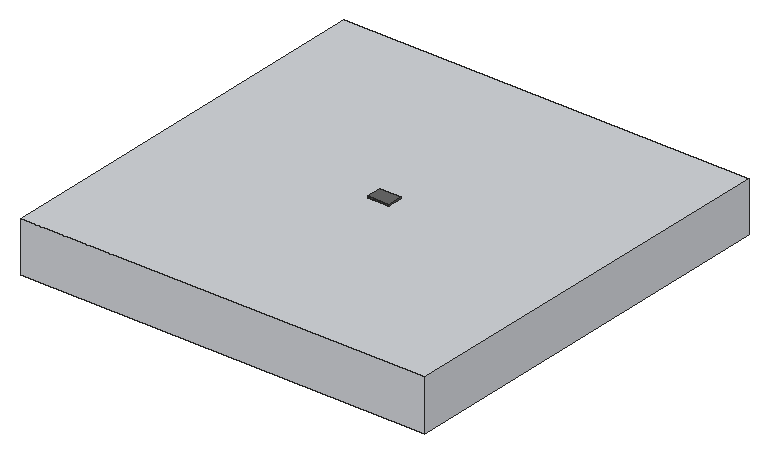
Revit family "Legrand-Hôtel_UX_TOUCH-Thermostat", category Equipement électrique, Revit 2020
Family settings
  Hôte = Face
  Configuration du panneau = Deux colonnes, circuits au sein
  Cote de connecteur circulaire = Utiliser le diamètre
  Type d'élément = Tableau de raccordement
  Couper avec des vides une fois chargée = Non
  Partagée = Non
  Point de calcul de pièce = Non
Parameters (values of type "Thermostat_Commande Tête de Lit")
  Site web configurateur = "https://uxforupscalehotel.legrand.com"
  URL = "http://www.legrandoc.com/048772"
  Type de montage = "encastré"
  Temperature de stockage MIN-MAX (°C) = "-20-70"
  Temperature d'utilisation /d'installation MIN-MAX (°C) = "0-40"
  Support de montage Ref 048779 [instance] = yes
  Résistance aux chocs (IK) = "IK02"
  Programmable = yes
  Profondeur hors tout = 42 mm
  Profondeur d'encastrement = 30 mm
  Nombre de touches = 10
  Moyen de programmation = "Ordinateur"
  Modèle = "048772"
  Matériau = LEGRAND - Plastique noir
  Largeur hors tout = 129 mm
  built-in parameter 1140140 [instance] = 1 (stored number, unit not read)
  Hauteur hors tout = 93 mm
  Fréquence d'alimentation MIN-MAX (Hz) = "0-0"
  Finition de la surface = "brillant"
  Fabricant = "Legrand"
  Elévation par défaut = 1300 mm
  Description = "Commande tête de lit SCS"
  Couleur = "noir"
  built-in parameter 1140142 [instance] = -1
  Consommation en veille (mA) = 8
  Condition Générale d'Utilisation = "https://export.legrand.com/CGU-objets-BIM"
  Commande = Tête de lit : Tête de lit
  Classe de protection (IP) = "IP20"
  built-in parameter 1155100 [instance] = -1
  Avec thermostat d'ambiance = yes
  Avec affichage LED = yes
  Autres systèmes de bus = "autre"
  Adressable = yes
  Accessoire montage affleurant Ref 048788 [instance] = not(Support de montage Ref 048779)  # no
Types (3, lengths in mm): name | URL | Nombre de touches | Modèle | Description | Commande
  (no name) | "http://www.legrandoc.com/048773" | 4 | "048773" | "Thermostat SCS" | Thermostat : Thermostat
  Thermostat | "http://www.legrandoc.com/048773" | 4 | "048773" | "Thermostat SCS" | Thermostat : Thermostat
  Thermostat_Commande Tête de Lit | "http://www.legrandoc.com/048772" | 10 | "048772" | "Commande tête de lit SCS" | Tête de lit : Tête de lit
Reference planes
  plane 1 "Centre (avant/arrière)": y = 0
  plane 2: z = 0
  plane 3 "Centre (gauche/droite)": x = 0
Forms (mm)
  Extrusion 1, solid
    sketch origin (0, 0, 0) x (1, 0, 0) y (0, 1, 0)
      loop
        line (-1219.2, 1219.2) -> (-1219.2, -1219.2) -> (1219.2, -1219.2) -> (1219.2, 1219.2) -> (-1219.2, 1219.2)
    from 0 to -304.8
Dimensions and locks
  aligned and locked: plane 2 to Extrusion 1
  aligned and locked: level to Extrusion 1
Nested families
  nested 1: "TOUCH-Thermostat" at (0, 0, 0), type "TOUCH-Thermostat"
  nested 2: "Tête de lit" at (0, 0, 0), type <- "Commande", type "Tête de lit"
Connectors
  electrical at (0, 0, 0)
    settings: on nested 1, index 1, voltage 0 V, apparent load 0 VA, apparent load phase1 0 VA, apparent load phase2 0 VA, apparent load phase3 0 VA, power factor 1, load classification "Autre", number of poles 1, system type 30, power factor state 1, is connector primary yes, connector utility no, sub classification motor no, connector description ""
Definition of nested family "TOUCH-Thermostat"
  Parameters (values of type "TOUCH-Thermostat")
    Matériau = none
    Default Elevation = 0 mm
  Reference planes
    plane 1 "Centre (avant/arrière)": y = 0
    plane 2: z = 0
    plane 3 "Centre (gauche/droite)": x = 0
    plane 4: z = -5.9
    plane 5: z = -30.9
    plane 6: z = 11.5
    plane 7: x = 64.5
    plane 8: x = -64.5
    plane 9: y = 46.5
    plane 10: y = -46.5
    plane 11: x = 16.5
    plane 12: x = -16.5
  Forms (mm)
    Extrusion 1, solid, material <- "Matériau"
      sketch origin (0, 0, 0) x (0, -1, 0) y (1, 0, 0)
        loop
          line (-26.5, 26.5) -> (-26.5, -26.5) -> (26.5, -26.5) -> (26.5, 26.5) -> (-26.5, 26.5)
      from -5.9 to 0
    Extrusion 2, solid, material <- "Matériau"
      sketch origin (0, 0, 0) x (0, -1, 0) y (1, 0, 0)
        loop
          line (-16.5, 16.5) -> (-16.5, -16.5) -> (16.5, -16.5) -> (16.5, 16.5) -> (-16.5, 16.5)
      from -30.9 to -5.9
    Extrusion 3, solid, material <- "Matériau"
      sketch origin (0, 0, 0) x (1, 0, 0) y (0, 1, 0)
        loop
          line (-64.5, 46.5) -> (-64.5, -46.5) -> (64.5, -46.5) -> (64.5, 46.5) -> (-64.5, 46.5)
      from 0 to 11.5
    Sweep 4, void
      path origin (0, 0, 0) x (1, 0, 0) y (0, 1, 0)
        loop
          line (-64.5, 46.5) -> (-64.5, -46.5) -> (64.5, -46.5) -> (64.5, 46.5) -> (-64.5, 46.5)
      profile origin (0, 46.5, 0) x (0, 1, 0) y (0, 0, 1)
        loop
          arc (0, 11.5) -> (-1.004, 5.704) -> (-4.308, 0.837) r 13.947
          arc (-4.308, 0.837) -> (-5.255, 0.224) -> (-6.36, 0) r 3.03
          line (-6.36, 0) -> (-6.36, -5) -> (1.64, -5) -> (1.64, 11.5) -> (0, 11.5)
  Cuts and joins
    joined: Extrusion 1, Extrusion 2
    Sweep 4 cuts Extrusion 3
  Dimensions and locks
    plane 8 to plane 7 = 129 mm
    plane 10 to plane 9 = 93 mm
    plane 12 to plane 11 = 33 mm
    plane 6 to plane 2 = 11.5 mm
    plane 5 to plane 4 to plane 2 to plane 6 = 25 mm, 5.9 mm, 11.5 mm
    plane 5 to plane 6 = 42.4 mm
    aligned and locked: level to plane 2
Definition of nested family "Tête de lit"
  Parameters (values of type "Commande tête de lit SCS")
    Matériau = none
    built-in parameter 1140140 [instance] = 1 (stored number, unit not read)
    Default Elevation = 0 mm
    built-in parameter 1140142 [instance] = -1
    built-in parameter 1155100 [instance] = -1
  Reference planes
    plane 1 "Centre (avant/arrière)": y = 0
    plane 2: z = 0
    plane 3 "Centre (gauche/droite)": x = 0
    plane 4: z = 11.5
    plane 5: x = -64.5
    plane 6: x = 64.5
    plane 7: y = 46.5
    plane 8: y = -46.5
  Lines and regions (mm)
    model lines
      curve 1: circle (-44.5, -9.3, 11.5) r 3 normal (0, 0, 1)
      curve 2: circle (-44.5, -27.9, 11.5) r 4.251 normal (0, 0, 1)
      curve 3: arc (-45.834, 13.551, 11.5) -> (-47.47, 6.331, 11.5) -> (-40.25, 7.966, 11.5) r 4.376
      curve 4: arc (-45.834, 13.551, 11.5) -> (-45.194, 8.607, 11.5) -> (-40.25, 7.966, 11.5) r 4.084
      curve 5: arc (-43.052, -26.924, 11.5) -> (-44.457, -24.9, 11.5) -> (-45.863, -26.924, 11.5) r 1.5
      curve 6: arc (-44.965, -30.4, 11.5) -> (-44.457, -30.9, 11.5) -> (-43.95, -30.4, 11.5) r 0.507
      curve 7: circle (-24.5, -27.9, 11.5) r 4.251 normal (0, 0, 1)
      curve 8: arc (-23, -26.149, 11.5) -> (-24.5, -25.101, 11.5) -> (-26, -26.149, 11.5) r 1.597
      curve 9: arc (-25, -30.651, 11.5) -> (-24.5, -31.162, 11.5) -> (-24, -30.651, 11.5) r 0.5
      curve 10: arc (44, 30.858, 11.5) -> (44.5, 24.9, 11.5) -> (45, 30.858, 11.5) r 3
      curve 11: arc (25.247, 30.4, 11.5) -> (24.5, 30.901, 11.5) -> (23.753, 30.4, 11.5) r 0.808
      curve 12: arc (23.753, 26.565, 11.5) -> (24.5, 24.9, 11.5) -> (25.247, 26.565, 11.5) r 1
      curve 13: circle (24.5, 25.9, 11.5) r 0.25 normal (0, 0, 1)
      curve 14: line (-44.5, -5.3, 11.5) -> (-44.5, -3.3, 11.5)
      curve 15: line (-44.5, -13.3, 11.5) -> (-44.5, -15.3, 11.5)
      curve 16: line (-38.5, -9.3, 11.5) -> (-40.5, -9.3, 11.5)
      curve 17: line (-50.5, -9.3, 11.5) -> (-48.5, -9.3, 11.5)
      curve 18: line (-48.743, -5.057, 11.5) -> (-47.328, -6.472, 11.5)
      curve 19: line (-40.257, -13.543, 11.5) -> (-41.672, -12.128, 11.5)
      curve 20: line (-48.743, -13.543, 11.5) -> (-47.328, -12.128, 11.5)
      curve 21: line (-40.257, -5.057, 11.5) -> (-41.672, -6.472, 11.5)
      curve 22: line (-41.5, -24.888, 11.5) -> (-47.5, -30.912, 11.5)
      curve 23: line (-45.863, -26.924, 11.5) -> (-44.965, -30.4, 11.5)
      curve 24: line (-44.965, -30.4, 11.5) -> (-43.95, -30.4, 11.5)
      curve 25: line (-43.95, -30.4, 11.5) -> (-43.052, -26.924, 11.5)
      curve 26: line (-48.751, 30.9, 11.5) -> (-40.249, 30.9, 11.5)
      curve 27: line (-40.249, 30.9, 11.5) -> (-40.249, 25.9, 11.5)
      curve 28: line (-40.249, 25.9, 11.5) -> (-48.751, 25.9, 11.5)
      curve 29: line (-48.751, 25.9, 11.5) -> (-48.751, 30.9, 11.5)
      curve 30: line (-45.457, 25.9, 11.5) -> (-45.457, 24.9, 11.5)
      curve 31: line (-45.457, 24.9, 11.5) -> (-43.457, 24.9, 11.5)
      curve 32: line (-43.457, 24.9, 11.5) -> (-43.457, 25.9, 11.5)
      curve 33: line (-21.5, -24.888, 11.5) -> (-27.5, -30.912, 11.5)
      curve 34: line (-26, -26.149, 11.5) -> (-26.5, -30.651, 11.5)
      curve 35: line (-26.5, -30.651, 11.5) -> (-22.5, -30.651, 11.5)
      curve 36: line (-22.5, -30.651, 11.5) -> (-23, -26.149, 11.5)
      curve 37: line (-24.5, 30.9, 11.5) -> (-20.749, 31.4, 11.5)
      curve 38: line (-20.749, 31.4, 11.5) -> (-20.749, 25.397, 11.5)
      curve 39: line (-20.749, 25.397, 11.5) -> (-24.5, 24.897, 11.5)
      curve 40: line (-24.5, 24.897, 11.5) -> (-28.251, 25.397, 11.5)
      curve 41: line (-28.251, 25.397, 11.5) -> (-28.251, 31.4, 11.5)
      curve 42: line (-28.251, 31.4, 11.5) -> (-24.5, 30.9, 11.5)
      curve 43: line (-24.5, 30.9, 11.5) -> (-24.5, 24.897, 11.5)
      curve 44: line (-20.749, 30.9, 11.5) -> (-20.249, 30.9, 11.5)
      curve 45: line (-20.249, 30.9, 11.5) -> (-20.249, 24.9, 11.5)
      curve 46: line (-20.249, 24.9, 11.5) -> (-28.751, 24.9, 11.5)
      curve 47: line (-28.751, 24.9, 11.5) -> (-28.751, 30.9, 11.5)
      curve 48: line (-28.751, 30.9, 11.5) -> (-28.251, 30.9, 11.5)
      curve 49: line (44.5, 29.358, 11.5) -> (44.5, 32.358, 11.5)
      curve 50: line (44.5, 6.3, 11.5) -> (44.5, 12.3, 11.5)
      curve 51: line (41.5, 9.3, 11.5) -> (47.5, 9.3, 11.5)
      curve 52: line (41.5, -9.3, 11.5) -> (47.5, -9.3, 11.5)
      curve 53: line (42, -24.9, 11.5) -> (43.037, -26.863, 11.5)
      curve 54: line (43.037, -26.863, 11.5) -> (44.5, -27.9, 11.5)
      curve 55: line (44.5, -27.9, 11.5) -> (42.537, -26.863, 11.5)
      curve 56: line (42.537, -26.863, 11.5) -> (41.5, -24.9, 11.5)
      curve 57: line (41.5, -24.9, 11.5) -> (42, -24.9, 11.5)
      curve 58: line (41.5, -30.4, 11.5) -> (43.463, -29.363, 11.5)
      curve 59: line (43.463, -29.363, 11.5) -> (44.5, -27.9, 11.5)
      curve 60: line (44.5, -27.9, 11.5) -> (43.463, -29.863, 11.5)
      curve 61: line (43.463, -29.863, 11.5) -> (41.5, -30.9, 11.5)
      curve 62: line (41.5, -30.9, 11.5) -> (41.5, -30.4, 11.5)
      curve 63: line (47, -30.9, 11.5) -> (45.963, -28.937, 11.5)
      curve 64: line (45.963, -28.937, 11.5) -> (44.5, -27.9, 11.5)
      curve 65: line (44.5, -27.9, 11.5) -> (46.463, -28.937, 11.5)
      curve 66: line (46.463, -28.937, 11.5) -> (47.5, -30.9, 11.5)
      curve 67: line (47.5, -30.9, 11.5) -> (47, -30.9, 11.5)
      curve 68: line (47, -24.9, 11.5) -> (45.963, -26.863, 11.5)
      curve 69: line (45.963, -26.863, 11.5) -> (44.5, -27.9, 11.5)
      curve 70: line (44.5, -27.9, 11.5) -> (46.463, -26.863, 11.5)
      curve 71: line (46.463, -26.863, 11.5) -> (47.5, -24.9, 11.5)
      curve 72: line (47.5, -24.9, 11.5) -> (47, -24.9, 11.5)
      curve 73: line (23.753, 30.4, 11.5) -> (23.753, 26.565, 11.5)
      curve 74: line (25.247, 30.4, 11.5) -> (25.247, 26.565, 11.5)
      curve 75: line (24.5, 30.4, 11.5) -> (24.5, 26.15, 11.5)
      curve 76: line (1, 13.3, 11.5) -> (17, 13.3, 11.5)
      curve 77: line (17, 13.3, 11.5) -> (17, -13.3, 11.5)
      curve 78: line (17, -13.3, 11.5) -> (1, -13.3, 11.5)
      curve 79: line (1, -13.3, 11.5) -> (1, 13.3, 11.5)
      curve 80: line (5, 9.3, 11.5) -> (13, 9.3, 11.5)
      curve 81: line (13, 9.3, 11.5) -> (13, -9.3, 11.5)
      curve 82: line (13, -9.3, 11.5) -> (5, -9.3, 11.5)
      curve 83: line (5, -9.3, 11.5) -> (5, 9.3, 11.5)
      curve 84: line (-17, 13.3, 11.5) -> (-1, 13.3, 11.5)
      curve 85: line (-1, 13.3, 11.5) -> (-1, -2, 11.5)
      curve 86: line (-1, -2, 11.5) -> (-13, -2, 11.5)
      curve 87: line (-13, -2, 11.5) -> (-13, -9.3, 11.5)
      curve 88: line (-13, -9.3, 11.5) -> (-1, -9.3, 11.5)
      curve 89: line (-1, -9.3, 11.5) -> (-1, -13.3, 11.5)
      curve 90: line (-1, -13.3, 11.5) -> (-17, -13.3, 11.5)
      curve 91: line (-17, -13.3, 11.5) -> (-17, 2, 11.5)
      curve 92: line (-17, 2, 11.5) -> (-5, 2, 11.5)
      curve 93: line (-5, 2, 11.5) -> (-5, 9.3, 11.5)
      curve 94: line (-5, 9.3, 11.5) -> (-17, 9.3, 11.5)
      curve 95: line (-17, 9.3, 11.5) -> (-17, 13.3, 11.5)
      curve 96: line (18, 9.3, 11.5) -> (22, 9.3, 11.5)
      curve 97: line (22, 9.3, 11.5) -> (22, 13.3, 11.5)
      curve 98: line (22, 13.3, 11.5) -> (18, 13.3, 11.5)
      curve 99: line (18, 13.3, 11.5) -> (18, 9.3, 11.5)
      curve 100: line (20.4, -10.1, 11.5) -> (20.4, -11.7, 11.5)
      curve 101: line (20.4, -11.7, 11.5) -> (18, -11.7, 11.5)
      curve 102: line (18, -11.7, 11.5) -> (18, -13.3, 11.5)
      curve 103: line (18, -13.3, 11.5) -> (22, -13.3, 11.5)
      curve 104: line (22, -13.3, 11.5) -> (22, -8.5, 11.5)
      curve 105: line (22, -8.5, 11.5) -> (19.6, -8.5, 11.5)
      curve 106: line (19.6, -8.5, 11.5) -> (19.6, -6.9, 11.5)
      curve 107: line (19.6, -6.9, 11.5) -> (22, -6.9, 11.5)
      curve 108: line (22, -6.9, 11.5) -> (22, -5.3, 11.5)
      curve 109: line (22, -5.3, 11.5) -> (18, -5.3, 11.5)
      curve 110: line (18, -5.3, 11.5) -> (18, -10.1, 11.5)
      curve 111: line (18, -10.1, 11.5) -> (20.4, -10.1, 11.5)
      curve 112: line (27.5, -24.9, 11.5) -> (28, -24.9, 11.5)
      curve 113: line (28, -24.9, 11.5) -> (28, -30.9, 11.5)
      curve 114: line (28, -30.9, 11.5) -> (27.5, -30.9, 11.5)
      curve 115: line (27.5, -30.9, 11.5) -> (27.5, -24.9, 11.5)
      curve 116: line (24.25, -26.4, 11.5) -> (24.75, -26.4, 11.5)
      curve 117: line (24.75, -26.4, 11.5) -> (24.75, -29.4, 11.5)
      curve 118: line (24.75, -29.4, 11.5) -> (24.25, -29.4, 11.5)
      curve 119: line (24.25, -29.4, 11.5) -> (24.25, -26.4, 11.5)
      curve 120: line (21, -27.15, 11.5) -> (21.5, -27.15, 11.5)
      curve 121: line (21.5, -27.15, 11.5) -> (21.5, -28.65, 11.5)
      curve 122: line (21.5, -28.65, 11.5) -> (21, -28.65, 11.5)
      curve 123: line (21, -28.65, 11.5) -> (21, -27.15, 11.5)
  Dimensions and locks
    plane 5 to plane 6 = 129 mm
    plane 8 to plane 7 = 93 mm
    aligned and locked: level to plane 2
